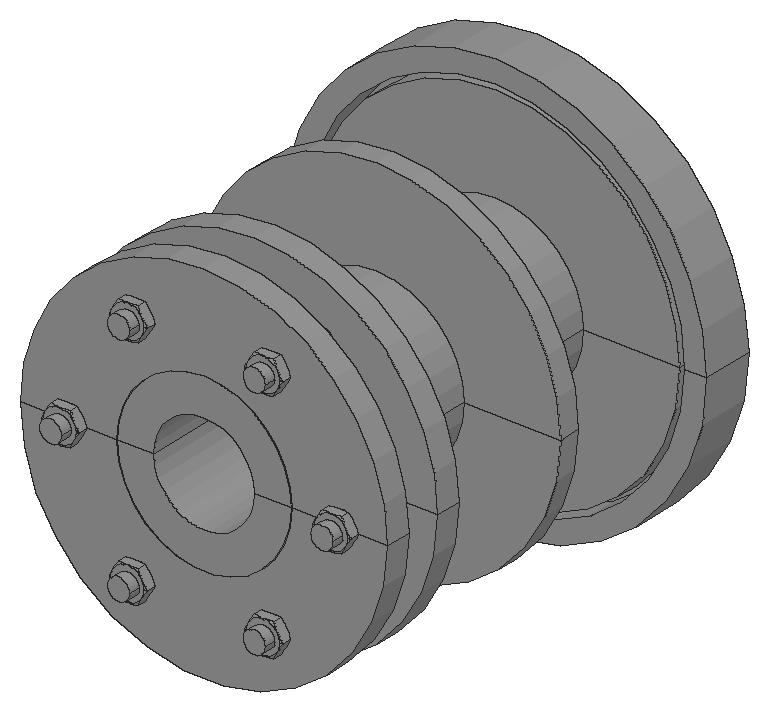
Revit family "柔性密闭套管", category 管道附件, Revit 2016
Family settings
  主体 = 墙
  零件类型 = 标准
  圆形连接件大小 = 使用直径
  总是垂直 = 是
  加载时剪切的空心 = 否
  共享 = 否
Parameters (values of type "标准")
  间距2 [instance] = 螺栓布置半径 * sin(60.00°)  # 63.869 mm
  间距1 [instance] = 螺栓布置半径 * cos(60.00°)  # 36.875 mm
  Assembly Code = ""
  Description = ""
  螺栓布置半径 [instance] = (法兰直径 + 套管直径) / 4  # 73.75 mm
  螺栓半径 [instance] = 6 mm
  翼环直径 [instance] = 200 mm
  翼环厚度 [instance] = 12 mm
  Type Comments = ""
  Keynote = ""
  法兰直径 [instance] = 翼环直径  # 200 mm
  法兰厚度 [instance] = 14 mm
  标注内容 [instance] = ""
  材质 [instance] = 铸铁
  挡板长度 [instance] = 28 mm
  挡板直径 [instance] = 法兰直径 + 30 mm  # 230 mm
  挡板厚度 [instance] = 12 mm
  套管端头长度 [instance] = 60 mm
  套管直径 [instance] = 95 mm
  套管半径 [instance] = 套管直径 / 2  # 47.5 mm
  壁厚 [instance] = 20 mm
  Model = ""
  图集号 = "02S404"
  国标编码 = "14-04.50.09"
  Manufacturer = ""
  URL = ""
Reference planes
  plane 1 "墙": y = 0
  plane 2 "中心(左/右)": x = 125
  plane 3 "后面": y = 75
  plane 4: x = 25
  plane 5: x = 225
  plane 6: x = 77.5
  plane 7: x = 172.5
  plane 8: y = -6
  plane 9: y = 6
  plane 10: y = 87
  plane 11: y = -135
  plane 12: y = -75
  plane 13: x = 152.5
  plane 14: y = -129
  plane 15: y = -123
  plane 16: y = -89
  plane 17: y = -109
  plane 18: z = 63.869
  plane 19: z = -63.869
  plane 20: x = 161.875
  plane 21: x = 88.125
  plane 22: x = 198.75
  plane 23: x = 51.25
  plane 24: y = -78
  plane 25: y = 78
  plane 26: x = 47.5
  plane 27: x = 202.5
  plane 28: x = 17.5
  plane 29: x = 232.5
  plane 30: y = 103
  plane 31: y = 91
  plane 32: x = 240
  plane 33: x = 10
  plane 34: x = 228
Forms (mm)
  Revolve 1, solid, material "铸铁" <- "材质", detail levels fine
    sketch origin (0, 0, 0) x (1, 0, 0) y (0, 1, 0)
      loop
        line (152.5, 87) -> (152.5, -123) -> (172.5, -123) -> (172.5, 87) -> (152.5, 87)
      axis (125, 87) -> (125, -123)
    angle from 0 to 360
  Revolve 2, solid, material "铸铁" <- "材质", detail levels fine
    sketch origin (0, 0, 0) x (1, 0, 0) y (0, 1, 0)
      loop
        line (172.5, 6) -> (172.5, -6) -> (225, -6) -> (225, 6) -> (172.5, 6)
      loop
        line (172.5, 87) -> (172.5, 75) -> (225, 75) -> (225, 87) -> (172.5, 87)
      loop
        line (172.5, -75) -> (172.5, -89) -> (225, -89) -> (225, -75) -> (172.5, -75)
      loop
        line (172.5, -109) -> (172.5, -123) -> (225, -123) -> (225, -109) -> (172.5, -109)
      axis (125, 87) -> (125, -123)
    angle from 0 to 360
  Extrusion 3, solid, material "铸铁" <- "材质", detail levels fine
    sketch origin (0, 0, 0) x (1, 0, 0) y (0, 0, 1)
      loop
        circle (88.125, 63.869) r 6
      loop
        circle (161.875, 63.869) r 6
      loop
        circle (198.75, 0) r 6
      loop
        circle (51.25, 0) r 6
      loop
        circle (88.125, -63.869) r 6
      loop
        circle (161.875, -63.869) r 6
    from 75 to 135
  Revolve 4, solid, material "铸铁" <- "材质", detail levels fine
    sketch origin (0, 0, 0) x (1, 0, 0) y (0, 1, 0)
      loop
        line (240, 75) -> (240, 103) -> (152.5, 103) -> (152.5, 91) -> (228, 91) -> (228, 75) -> (240, 75)
      axis (125, 103) -> (125, 75)
    angle from 0 to 360
Lines and regions (mm)
  Opening 1
    outline origin (-5000, -75, 0) x (1, 0, 0) y (0, 0, 1)
      loop
        circle (5125, 0) r 47.5
  model lines, detail levels coarse+medium
    curve 1: line (47.5, -78, 0) -> (77.5, -78, 0)
    curve 2: line (77.5, -78, 0) -> (77.5, 78, 0)
    curve 3: line (77.5, 78, 0) -> (47.5, 78, 0)
    curve 4: line (77.5, 0, 0) -> (17.5, 0, 0)
    curve 5: line (202.5, -78, 0) -> (172.5, -78, 0)
    curve 6: line (172.5, -78, 0) -> (172.5, 78, 0)
    curve 7: line (172.5, 78, 0) -> (202.5, 78, 0)
    curve 8: line (172.5, 0, 0) -> (232.5, 0, 0)
Text (mm)
  text "放置边" at (-1848.837, 1116.779, 0), in view "参照标高"
  text "放置边" at (0, 1409.804, 2854.306), in view "左"
  text "放置边" at (0, 499.811, 2980.732), in view "右"
Dimensions and locks
  locked: plane 3 "后面" to host wall
  equal spacing: plane 4, plane 2 "中心(左/右)", plane 5
  "翼环直径": plane 4 to plane 5
  equal spacing: plane 6, plane 2 "中心(左/右)", plane 7
  "套管直径": plane 6 to plane 7
  equal spacing: plane 8, plane 1 "墙", plane 9
  "翼环厚度": plane 9 to plane 8
  "翼环厚度": plane 3 "后面" to plane 10
  locked: plane 12 to host wall at 0
  "套管端头长度": plane 11 to plane 12
  "壁厚": plane 13 to plane 7
  "法兰厚度": plane 12 to plane 16
  locked: plane 11 to plane 14 at 6
  "法兰厚度": plane 17 to plane 15
  locked: plane 15 to plane 14 at 6
  equal spacing: plane 19, level, plane 18
  equal spacing: plane 20, plane 2 "中心(左/右)", plane 21
  "间距1": plane 20 to plane 2 "中心(左/右)"
  "间距2": level to plane 18
  equal spacing: plane 22, plane 2 "中心(左/右)", plane 23
  "螺栓布置半径": plane 2 "中心(左/右)" to plane 22
  locked: plane 3 "后面" to plane 25 at 3
  locked: plane 12 to plane 24 at 3
  locked: plane 26 to plane 6 at 30
  locked: plane 28 to plane 6 at 60
  locked: plane 7 to plane 27 at 30
  locked: plane 7 to plane 29 at 60
  "挡板厚度": plane 30 to plane 31
  "挡板长度": plane 30 to plane 3 "后面"
  equal spacing: plane 33, plane 2 "中心(左/右)", plane 32
  "挡板直径": plane 33 to plane 32
  locked: plane 34 to plane 32 at 12
  "螺栓半径": radius of Extrusion 3 sketch curve  (x6)
  "套管半径": radius of Opening 1 sketch curve
  aligned and locked: plane 1 "墙" to host wall
  aligned and locked: Revolve 1 sketch curve to plane 13
  aligned and locked: Revolve 1 sketch curve to plane 7
  aligned and locked: Revolve 1 sketch curve to plane 2 "中心(左/右)"
  aligned and locked: Revolve 2 sketch curve to plane 9
  aligned and locked: plane 7 to Revolve 2 sketch curve  (x4)
  aligned and locked: plane 8 to Revolve 2 sketch curve
  aligned and locked: Revolve 2 sketch curve to plane 5  (x4)
  aligned and locked: Revolve 2 sketch curve to plane 2 "中心(左/右)"
  aligned and locked: Revolve 1 sketch curve to plane 10
  aligned and locked: Revolve 2 sketch curve to plane 10
  aligned and locked: Revolve 2 sketch curve to plane 3 "后面"
  aligned and locked: Revolve 1 sketch curve to plane 15
  aligned and locked: Revolve 2 sketch curve to plane 12
  aligned and locked: plane 16 to Revolve 2 sketch curve
  aligned and locked: Revolve 2 sketch curve to plane 17
  aligned and locked: Revolve 2 sketch curve to plane 15
  aligned and locked: plane 11 to Extrusion 3
  aligned and locked: plane 12 to Extrusion 3
  aligned and locked: plane 20 to Extrusion 3 sketch curve  (x2)
  aligned and locked: plane 18 to Extrusion 3 sketch curve  (x2)
  aligned and locked: plane 21 to Extrusion 3 sketch curve  (x2)
  aligned and locked: level to Extrusion 3 sketch curve  (x2)
  aligned and locked: plane 23 to Extrusion 3 sketch curve
  aligned and locked: plane 22 to Extrusion 3 sketch curve
  aligned and locked: plane 19 to Extrusion 3 sketch curve  (x2)
  aligned and locked: nested 5 to level
  aligned and locked: nested 5 to plane 23
  aligned and locked: nested 6 to plane 19
  aligned and locked: nested 6 to plane 21
  aligned and locked: nested 1 to plane 20
  aligned and locked: nested 1 to plane 19
  aligned and locked: plane 22 to nested 2
  aligned and locked: nested 2 to level
  aligned and locked: nested 4 to plane 21
  aligned and locked: nested 4 to plane 18
  aligned and locked: nested 3 to plane 20
  aligned and locked: nested 3 to plane 18
  aligned and locked: curve 1 to plane 24
  aligned and locked: plane 26 to curve 1
  aligned and locked: plane 6 to curve 2
  aligned and locked: curve 3 to plane 25
  aligned and locked: plane 26 to curve 3
  aligned and locked: plane 28 to curve 4
  aligned and locked: plane 7 to curve 6
  aligned and locked: plane 24 to curve 5
  aligned and locked: plane 27 to curve 5
  aligned and locked: plane 1 "墙" to curve 8
  aligned and locked: curve 4 to plane 1 "墙"
  aligned and locked: plane 29 to curve 8
  aligned and locked: plane 25 to curve 7
  aligned and locked: plane 27 to curve 7
  aligned and locked: plane 32 to Revolve 4 sketch curve
  aligned and locked: Revolve 4 sketch curve to plane 30
  aligned and locked: plane 31 to Revolve 4 sketch curve
  aligned and locked: Revolve 4 sketch curve to plane 34
  aligned and locked: Revolve 4 sketch curve to plane 3 "后面"
  aligned and locked: Revolve 4 sketch curve to plane 2 "中心(左/右)"
  aligned and locked: Revolve 4 sketch curve to plane 13
  aligned and locked: plane 2 "中心(左/右)" to Opening 1 sketch curve
  aligned and locked: level to Opening 1 sketch curve
Automatic sketch dimensions
  plane 11 to Revolve 1 sketch curve = 1865 mm
  plane 10 to Revolve 1 sketch curve = 1913 mm
  plane 11 to Revolve 2 sketch curve = 1865 mm
  plane 10 to Revolve 2 sketch curve = 1913 mm
  plane 11 to Revolve 4 sketch curve = 1865 mm
  plane 30 to Revolve 4 sketch curve = 1897 mm
Nested families
  nested 1: "螺栓" at (161.875, -123, -63.869) x (0, 0, -1) z (0, -1, 0), type "标准", detail levels fine
  nested 2: "螺栓" at (198.75, -123, 0) x (0, 0, -1) z (0, -1, 0), type "标准", detail levels fine
  nested 3: "螺栓" at (161.875, -123, 63.869) x (0, 0, -1) z (0, -1, 0), type "标准", detail levels fine
  nested 4: "螺栓" at (88.125, -123, 63.869) x (0, 0, -1) z (0, -1, 0), type "标准", detail levels fine
  nested 5: "螺栓" at (51.25, -123, 0) x (0, 0, -1) z (0, -1, 0), type "标准", detail levels fine
  nested 6: "螺栓" at (88.125, -123, -63.869) x (0, 0, -1) z (0, -1, 0), type "标准", detail levels fine
Definition of nested family "螺栓"
  Parameters
    Default Elevation = 1219.2 mm
    边长 = e / 2  # 10.392 mm
    材质 = none
    倒角角度 = 30.00°
    s = 18 mm
    m = 6 mm
    e = s / cos(30.00°)  # 20.785 mm
  Reference planes
    plane 1 "中心(前/后)": y = 0
    plane 2: z = 0
    plane 3 "中心(左/右)": x = 0
    plane 4: x = -9
    plane 5: x = 9
    plane 6: y = 10.392
    plane 7: y = -10.392
    plane 8: y = -5.196
    plane 9: y = 5.196
    plane 10: z = 6
    plane 11: y = 9
    plane 12: y = -9
  Forms (mm)
    Extrusion 1, solid
      sketch origin (0, 0, 0) x (1, 0, 0) y (0, 1, 0)
        loop
          line (-1219.2, 1219.2) -> (-1219.2, -1219.2) -> (1219.2, -1219.2) -> (1219.2, 1219.2) -> (-1219.2, 1219.2)
      from 0 to -304.8
    Extrusion 2, solid, material <- "材质"
      sketch origin (0, 0, 0) x (1, 0, 0) y (0, 1, 0)
        loop
          line (9, 5.196) -> (0, 10.392) -> (-9, 5.196) -> (-9, -5.196) -> (0, -10.392) -> (9, -5.196) -> (9, 5.196)
      from 0 to 6
    Revolve 3, void
      sketch origin (0, 0, 0) x (0, 1, 0) y (0, 0, 1)
        loop
          line (10.392, 6) -> (9, 6) -> (10.392, 5.196) -> (10.392, 6)
        loop
          line (9, 0) -> (10.392, 0) -> (10.392, 0.804) -> (9, 0)
        axis (0, 6) -> (0, 0)
      angle from 0 to 360
  Cuts and joins
    Revolve 3 cuts Extrusion 2
  Dimensions and locks
    equal spacing: plane 4, plane 3 "中心(左/右)", plane 5
    "s": plane 4 to plane 5
    equal spacing: plane 6, plane 1 "中心(前/后)", plane 7
    "e": plane 6 to plane 7
    equal spacing: plane 9, plane 1 "中心(前/后)", plane 8
    "边长": plane 8 to plane 9
    "m": plane 10 to level
    equal spacing: plane 11, plane 1 "中心(前/后)", plane 12
    "s": plane 11 to plane 12
    "倒角角度": angle Revolve 3 sketch curve to Revolve 3 sketch curve  (x2)
    aligned and locked: plane 2 to Extrusion 1
    aligned and locked: level to Extrusion 1
    aligned and locked: plane 5 to Extrusion 2 sketch curve
    aligned and locked: Extrusion 2 sketch curve to plane 4
    aligned and locked: plane 8 to Extrusion 2 sketch curve  (x2)
    aligned and locked: plane 9 to Extrusion 2 sketch curve  (x2)
    aligned and locked: plane 3 "中心(左/右)" to Extrusion 2 sketch curve  (x2)
    aligned and locked: plane 7 to Extrusion 2 sketch curve
    aligned and locked: plane 6 to Extrusion 2 sketch curve
    aligned and locked: Extrusion 2 to level
    aligned and locked: plane 10 to Extrusion 2
    aligned and locked: Revolve 3 sketch curve to plane 1 "中心(前/后)"
    aligned and locked: Revolve 3 sketch curve to plane 10
    aligned and locked: plane 11 to Revolve 3 sketch curve  (x2)
    aligned and locked: Revolve 3 sketch curve to plane 6
    aligned and locked: Revolve 3 sketch curve to level
    aligned and locked: plane 6 to Revolve 3 sketch curve
  Automatic sketch dimensions
    Extrusion 1 sketch curve to Extrusion 1 sketch curve = 2438.4 mm  (x2)
    Revolve 3 sketch curve to level = 609.6 mm
    plane 10 to Revolve 3 sketch curve = 2337.807 mm
